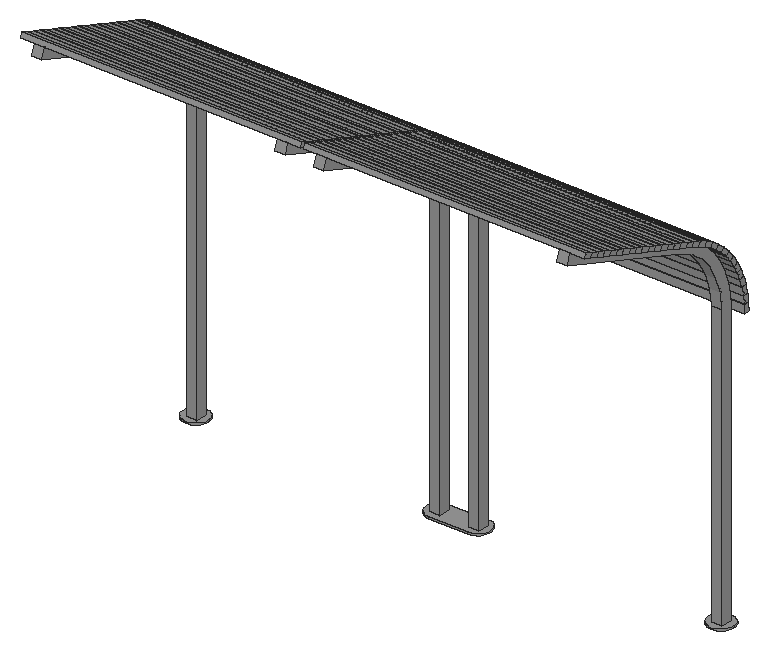
Revit family "Навес «Кайлас» двойной открытый Арт 28543", category Антураж, Revit 2018
Family settings
  На основе рабочей плоскости = Нет
  Всегда вертикально = Да
  При загрузке вырезать с полостями = Нет
  Источник визуального образа = Геометрия семейства
  Общий = Нет
  Точка расчета площади = Нет
Parameters (values of type "Навес «Кайлас» двойной открытый")
  Ширина = 1500 mm  # constant formula
  Цвет отделки = Дерево
  Цвет каркаса = Сталь
  Описание = "Навес «Кайлас» двойной открытый"  # constant formula
  Материал изделия = "Сталь, дерево"  # constant formula
  Изображение типоразмера = Навес «Кайлас» двойной открытый Арт 28543.jpg
  Изготовитель = "ООО «Хоббика»"  # constant formula
  Длина = 4000 mm  # constant formula
  Группа модели = "Навесы и беседки"  # constant formula
  Высота = 3000 mm  # constant formula
  Артикул товара = "Арт. 28543"  # constant formula
  URL = "https://hobbyka.ru/product/naves_kaylas_dvoynoy_otkrytyy/"
Reference planes
  plane 1 "По центру (Вперед/Назад)": y = 0
  plane 2: z = 0
  plane 3 "По центру (Влево/Вправо)": x = 0
  plane 4: x = 4000
  plane 5: y = 1500
  plane 6: z = 3000
Forms (mm)
  Sweep 1, solid, material "Сталь" <- "Цвет каркаса"
    path origin (0, 0, 0) x (0, 1, 0) y (0, 0, 1)
      loop
        line (0, 2900) -> (996.074, 2537.459)
        arc (996.074, 2537.459) -> (1263.315, 2336.078) -> (1372.257, 2019.688) r 572.253
        line (1372.257, 2019.688) -> (1372.257, 0)
    profile origin (0, 1372.257, 2019.688) x (1, 0, 0) y (0, 1, 0)
      loop
        line (100, 0) -> (175, 0) -> (175, 75) -> (100, 75) -> (100, 0)
  Extrusion 2, solid, material "Сталь" <- "Цвет каркаса"
    sketch origin (137.5, 0, 0) x (1, 0, 0) y (0, 1, 0)
      loop
        circle (0, 1409.757) r 90.243
    from 0 to 10
  Sweep 3, solid, material "Сталь" <- "Цвет каркаса"
    path origin (4062.5, 0, 0) x (0, 1, 0) y (0, 0, -1)
      loop
        line (0, -2900) -> (996.074, -2537.459)
        arc (996.074, -2537.459) -> (1263.315, -2336.078) -> (1372.257, -2019.688) r 572.253
        line (1372.257, -2019.688) -> (1372.257, 0)
    profile origin (4062.5, 1372.257, 2019.688) x (-1, 0, 0) y (0, -1, 0)
      loop
        line (162.5, 0) -> (162.5, -75) -> (237.5, -75) -> (237.5, 0) -> (162.5, 0)
  Extrusion 4, solid, material "Сталь" <- "Цвет каркаса"
    sketch origin (3862.5, 0, 0) x (-1, 0, 0) y (0, -1, 0)
      loop
        circle (0, -1409.757) r 90.243
    from 0 to 10
  Sweep 5, solid, material "Сталь" <- "Цвет каркаса"
    path origin (2062.5, 0, 0) x (0, 1, 0) y (0, 0, -1)
      loop
        line (0, -2900) -> (996.074, -2537.459)
        arc (996.074, -2537.459) -> (1263.315, -2336.078) -> (1372.257, -2019.688) r 572.253
        line (1372.257, -2019.688) -> (1372.257, 0)
    profile origin (2062.5, 1372.257, 2019.688) x (-1, 0, 0) y (0, -1, 0)
      loop
        line (162.5, 0) -> (162.5, -75) -> (237.5, -75) -> (237.5, 0) -> (162.5, 0)
  Sweep 6, solid, material "Сталь" <- "Цвет каркаса"
    path origin (1937.5, 0, 0) x (0, 1, 0) y (0, 0, 1)
      loop
        line (0, 2900) -> (996.074, 2537.459)
        arc (996.074, 2537.459) -> (1263.315, 2336.078) -> (1372.257, 2019.688) r 572.253
        line (1372.257, 2019.688) -> (1372.257, 0)
    profile origin (1937.5, 1372.257, 2019.688) x (1, 0, 0) y (0, 1, 0)
      loop
        line (162.5, 0) -> (237.5, 0) -> (237.5, 75) -> (162.5, 75) -> (162.5, 0)
  Extrusion 7, solid, material "Сталь" <- "Цвет каркаса"
    sketch origin (2100, 0, 0) x (1, 0, 0) y (0, 1, 0)
      loop
        arc (37.5, 1319.513) -> (127.743, 1409.757) -> (37.5, 1500) r 90.243
        line (37.5, 1500) -> (-237.5, 1500)
        arc (-237.5, 1500) -> (-327.743, 1409.757) -> (-237.5, 1319.513) r 90.243
        line (-237.5, 1319.513) -> (37.5, 1319.513)
    from 0 to 10
  Extrusion 8, solid, material "Дерево" <- "Цвет отделки"
    sketch origin (0, 0, 0) x (0, 1, 0) y (0, 0, 1)
      loop
        line (25.652, 2970.477) -> (77.335, 2951.666) -> (88.08, 2981.189) -> (36.397, 3000) -> (25.652, 2970.477)
      loop
        line (82.033, 2949.956) -> (133.716, 2931.145) -> (144.462, 2960.668) -> (92.779, 2979.479) -> (82.033, 2949.956)
      loop
        line (138.415, 2929.435) -> (190.098, 2910.623) -> (200.843, 2940.146) -> (149.16, 2958.958) -> (138.415, 2929.435)
      loop
        line (194.796, 2908.913) -> (246.479, 2890.102) -> (257.225, 2919.625) -> (205.542, 2938.436) -> (194.796, 2908.913)
      loop
        line (251.178, 2888.392) -> (302.861, 2869.581) -> (313.606, 2899.104) -> (261.923, 2917.915) -> (251.178, 2888.392)
      loop
        line (307.559, 2867.871) -> (359.242, 2849.06) -> (369.988, 2878.583) -> (318.305, 2897.394) -> (307.559, 2867.871)
      loop
        line (363.941, 2847.35) -> (415.624, 2828.539) -> (426.369, 2858.062) -> (374.686, 2876.873) -> (363.941, 2847.35)
      loop
        line (420.322, 2826.828) -> (472.006, 2808.017) -> (482.751, 2837.54) -> (431.068, 2856.352) -> (420.322, 2826.828)
      loop
        line (476.704, 2806.307) -> (528.387, 2787.496) -> (539.133, 2817.019) -> (487.449, 2835.83) -> (476.704, 2806.307)
      loop
        line (533.086, 2785.786) -> (584.769, 2766.975) -> (595.514, 2796.498) -> (543.831, 2815.309) -> (533.086, 2785.786)
      loop
        line (589.467, 2765.265) -> (641.15, 2746.454) -> (651.896, 2775.977) -> (600.213, 2794.788) -> (589.467, 2765.265)
      loop
        line (645.849, 2744.744) -> (697.532, 2725.933) -> (708.277, 2755.456) -> (656.594, 2774.267) -> (645.849, 2744.744)
      loop
        line (702.23, 2724.222) -> (753.913, 2705.411) -> (764.659, 2734.934) -> (712.976, 2753.745) -> (702.23, 2724.222)
      loop
        line (758.612, 2703.701) -> (810.295, 2684.89) -> (821.04, 2714.413) -> (769.357, 2733.224) -> (758.612, 2703.701)
      loop
        line (814.993, 2683.18) -> (866.676, 2664.369) -> (877.422, 2693.892) -> (825.739, 2712.703) -> (814.993, 2683.18)
      loop
        line (871.375, 2662.659) -> (923.058, 2643.848) -> (933.803, 2673.371) -> (882.12, 2692.182) -> (871.375, 2662.659)
      loop
        line (927.756, 2642.138) -> (979.44, 2623.327) -> (990.185, 2652.85) -> (938.502, 2671.661) -> (927.756, 2642.138)
      loop
        line (984.138, 2621.616) -> (1035.821, 2602.805) -> (1046.567, 2632.328) -> (994.883, 2651.139) -> (984.138, 2621.616)
      loop
        line (1040.846, 2601.962) -> (1090.569, 2578.453) -> (1103.998, 2606.856) -> (1054.275, 2630.365) -> (1040.846, 2601.962)
      loop
        line (1095.495, 2577.148) -> (1142.831, 2549.143) -> (1158.828, 2576.183) -> (1111.492, 2604.188) -> (1095.495, 2577.148)
      loop
        line (1147.618, 2547.387) -> (1192.163, 2515.125) -> (1210.592, 2540.57) -> (1166.047, 2572.832) -> (1147.618, 2547.387)
      loop
        line (1196.764, 2512.936) -> (1238.135, 2476.694) -> (1258.837, 2500.327) -> (1217.466, 2536.568) -> (1196.764, 2512.936)
      loop
        line (1242.514, 2474.089) -> (1280.357, 2434.178) -> (1303.156, 2455.795) -> (1265.313, 2495.706) -> (1242.514, 2474.089)
      loop
        line (1284.48, 2431.176) -> (1318.47, 2387.937) -> (1343.17, 2407.354) -> (1309.179, 2450.593) -> (1284.48, 2431.176)
      loop
        line (1322.295, 2384.57) -> (1352.143, 2338.373) -> (1378.532, 2355.424) -> (1348.684, 2401.62) -> (1322.295, 2384.57)
      loop
        line (1355.64, 2334.667) -> (1381.089, 2285.909) -> (1408.941, 2300.447) -> (1383.492, 2349.205) -> (1355.64, 2334.667)
      loop
        line (1384.23, 2281.892) -> (1405.062, 2230.99) -> (1434.139, 2242.89) -> (1413.307, 2293.792) -> (1384.23, 2281.892)
      loop
        line (1407.817, 2226.703) -> (1423.854, 2174.093) -> (1453.907, 2183.254) -> (1437.87, 2235.864) -> (1407.817, 2226.703)
      loop
        line (1426.201, 2169.57) -> (1437.305, 2115.703) -> (1468.076, 2122.046) -> (1456.972, 2175.913) -> (1426.201, 2169.57)
      loop
        line (1439.224, 2110.978) -> (1445.3, 2056.315) -> (1476.526, 2059.786) -> (1470.45, 2114.449) -> (1439.224, 2110.978)
      loop
        line (1446.775, 2051.433) -> (1447.771, 1996.442) -> (1479.183, 1997.011) -> (1478.187, 2052.002) -> (1446.775, 2051.433)
    from 0 to 1990
  Extrusion 9, solid, material "Дерево" <- "Цвет отделки"
    sketch origin (0, 0, 0) x (0, 1, 0) y (0, 0, 1)
      loop
        line (25.652, 2970.477) -> (77.335, 2951.666) -> (88.08, 2981.189) -> (36.397, 3000) -> (25.652, 2970.477)
      loop
        line (82.033, 2949.956) -> (133.716, 2931.145) -> (144.462, 2960.668) -> (92.779, 2979.479) -> (82.033, 2949.956)
      loop
        line (138.415, 2929.435) -> (190.098, 2910.623) -> (200.843, 2940.146) -> (149.16, 2958.958) -> (138.415, 2929.435)
      loop
        line (194.796, 2908.913) -> (246.479, 2890.102) -> (257.225, 2919.625) -> (205.542, 2938.436) -> (194.796, 2908.913)
      loop
        line (251.178, 2888.392) -> (302.861, 2869.581) -> (313.606, 2899.104) -> (261.923, 2917.915) -> (251.178, 2888.392)
      loop
        line (307.559, 2867.871) -> (359.242, 2849.06) -> (369.988, 2878.583) -> (318.305, 2897.394) -> (307.559, 2867.871)
      loop
        line (363.941, 2847.35) -> (415.624, 2828.539) -> (426.369, 2858.062) -> (374.686, 2876.873) -> (363.941, 2847.35)
      loop
        line (420.322, 2826.828) -> (472.006, 2808.017) -> (482.751, 2837.54) -> (431.068, 2856.352) -> (420.322, 2826.828)
      loop
        line (476.704, 2806.307) -> (528.387, 2787.496) -> (539.133, 2817.019) -> (487.449, 2835.83) -> (476.704, 2806.307)
      loop
        line (533.086, 2785.786) -> (584.769, 2766.975) -> (595.514, 2796.498) -> (543.831, 2815.309) -> (533.086, 2785.786)
      loop
        line (589.467, 2765.265) -> (641.15, 2746.454) -> (651.896, 2775.977) -> (600.213, 2794.788) -> (589.467, 2765.265)
      loop
        line (645.849, 2744.744) -> (697.532, 2725.933) -> (708.277, 2755.456) -> (656.594, 2774.267) -> (645.849, 2744.744)
      loop
        line (702.23, 2724.222) -> (753.913, 2705.411) -> (764.659, 2734.934) -> (712.976, 2753.745) -> (702.23, 2724.222)
      loop
        line (758.612, 2703.701) -> (810.295, 2684.89) -> (821.04, 2714.413) -> (769.357, 2733.224) -> (758.612, 2703.701)
      loop
        line (814.993, 2683.18) -> (866.676, 2664.369) -> (877.422, 2693.892) -> (825.739, 2712.703) -> (814.993, 2683.18)
      loop
        line (871.375, 2662.659) -> (923.058, 2643.848) -> (933.803, 2673.371) -> (882.12, 2692.182) -> (871.375, 2662.659)
      loop
        line (927.756, 2642.138) -> (979.44, 2623.327) -> (990.185, 2652.85) -> (938.502, 2671.661) -> (927.756, 2642.138)
      loop
        line (984.138, 2621.616) -> (1035.821, 2602.805) -> (1046.567, 2632.328) -> (994.883, 2651.139) -> (984.138, 2621.616)
      loop
        line (1040.846, 2601.962) -> (1090.569, 2578.453) -> (1103.998, 2606.856) -> (1054.275, 2630.365) -> (1040.846, 2601.962)
      loop
        line (1095.495, 2577.148) -> (1142.831, 2549.143) -> (1158.828, 2576.183) -> (1111.492, 2604.188) -> (1095.495, 2577.148)
      loop
        line (1147.618, 2547.387) -> (1192.163, 2515.125) -> (1210.592, 2540.57) -> (1166.047, 2572.832) -> (1147.618, 2547.387)
      loop
        line (1196.764, 2512.936) -> (1238.135, 2476.694) -> (1258.837, 2500.327) -> (1217.466, 2536.568) -> (1196.764, 2512.936)
      loop
        line (1242.514, 2474.089) -> (1280.357, 2434.178) -> (1303.156, 2455.795) -> (1265.313, 2495.706) -> (1242.514, 2474.089)
      loop
        line (1284.48, 2431.176) -> (1318.47, 2387.937) -> (1343.17, 2407.354) -> (1309.179, 2450.593) -> (1284.48, 2431.176)
      loop
        line (1322.295, 2384.57) -> (1352.143, 2338.373) -> (1378.532, 2355.424) -> (1348.684, 2401.62) -> (1322.295, 2384.57)
      loop
        line (1355.64, 2334.667) -> (1381.089, 2285.909) -> (1408.941, 2300.447) -> (1383.492, 2349.205) -> (1355.64, 2334.667)
      loop
        line (1384.23, 2281.892) -> (1405.062, 2230.99) -> (1434.139, 2242.89) -> (1413.307, 2293.792) -> (1384.23, 2281.892)
      loop
        line (1407.817, 2226.703) -> (1423.854, 2174.093) -> (1453.907, 2183.254) -> (1437.87, 2235.864) -> (1407.817, 2226.703)
      loop
        line (1426.201, 2169.57) -> (1437.305, 2115.703) -> (1468.076, 2122.046) -> (1456.972, 2175.913) -> (1426.201, 2169.57)
      loop
        line (1439.224, 2110.978) -> (1445.3, 2056.315) -> (1476.526, 2059.786) -> (1470.45, 2114.449) -> (1439.224, 2110.978)
      loop
        line (1446.775, 2051.433) -> (1447.771, 1996.442) -> (1479.183, 1997.011) -> (1478.187, 2052.002) -> (1446.775, 2051.433)
    from 2010 to 4000
Cuts and joins
  joined: Sweep 3, Extrusion 4
  joined: Sweep 5, Sweep 6, Extrusion 7
Dimensions and locks
  "Длина": plane 3 "По центру (Влево/Вправо)" to plane 4
  "Ширина": plane 5 to plane 1 "По центру (Вперед/Назад)"
  "Высота": plane 6 to level
  aligned and locked: level to plane 2
Automatic sketch dimensions
  Sweep 1 sketch curve to plane 1 "По центру (Вперед/Назад)" = 0 mm
  Sweep 1 sketch curve to level = 0 mm
  Sweep 1 sketch curve to plane 5 = 699.648 mm
  Sweep 1 sketch curve to plane 5 = 503.926 mm
  Sweep 1 sketch curve to plane 5 = 127.743 mm
  Sweep 1 sketch curve to plane 6 = 1000.284 mm
  Sweep 1 sketch curve to Sweep 1 sketch curve = 19.971 mm
  Sweep 1 sketch curve to plane 6 = 100 mm
  profile plane to Sweep 1 sketch curve = 0 mm
  plane 3 "По центру (Влево/Вправо)" to Sweep 1 sketch curve = 100 mm
  Sweep 1 sketch curve to Sweep 1 sketch curve = 75 mm
  Sweep 1 sketch curve to profile plane = 75 mm
  plane 3 "По центру (Влево/Вправо)" to Extrusion 2 sketch curve = 137.5 mm
  Extrusion 2 sketch curve to plane 5 = 90.243 mm
  Sweep 3 sketch curve to plane 1 "По центру (Вперед/Назад)" = 0 mm
  Sweep 3 sketch curve to level = 0 mm
  Sweep 3 sketch curve to plane 5 = 699.648 mm
  Sweep 3 sketch curve to plane 5 = 503.926 mm
  Sweep 3 sketch curve to plane 5 = 127.743 mm
  Sweep 3 sketch curve to plane 6 = 1000.284 mm
  Sweep 3 sketch curve to Sweep 3 sketch curve = 19.971 mm
  Sweep 3 sketch curve to plane 6 = 100 mm
  Sweep 3 sketch curve to profile plane = 0 mm
  profile plane to Sweep 3 sketch curve = 75 mm
  profile plane to Sweep 3 sketch curve = 162.5 mm
  Sweep 3 sketch curve to Sweep 3 sketch curve = 75 mm
  plane 4 to Extrusion 4 sketch curve = 137.5 mm
  plane 5 to Extrusion 4 sketch curve = 90.243 mm
  Sweep 5 sketch curve to plane 1 "По центру (Вперед/Назад)" = 0 mm
  Sweep 5 sketch curve to level = 0 mm
  Sweep 5 sketch curve to plane 5 = 699.648 mm
  Sweep 5 sketch curve to plane 5 = 503.926 mm
  Sweep 5 sketch curve to plane 5 = 127.743 mm
  Sweep 5 sketch curve to plane 6 = 1000.284 mm
  Sweep 5 sketch curve to Sweep 5 sketch curve = 19.971 mm
  Sweep 5 sketch curve to plane 6 = 100 mm
  Sweep 5 sketch curve to profile plane = 0 mm
  profile plane to Sweep 5 sketch curve = 75 mm
  profile plane to Sweep 5 sketch curve = 162.5 mm
  Sweep 5 sketch curve to Sweep 5 sketch curve = 75 mm
  Sweep 6 sketch curve to plane 1 "По центру (Вперед/Назад)" = 0 mm
  Sweep 6 sketch curve to level = 0 mm
  Sweep 6 sketch curve to plane 5 = 699.648 mm
  Sweep 6 sketch curve to plane 5 = 503.926 mm
  Sweep 6 sketch curve to plane 5 = 127.743 mm
  Sweep 6 sketch curve to plane 6 = 1000.284 mm
  Sweep 6 sketch curve to Sweep 6 sketch curve = 19.971 mm
  Sweep 6 sketch curve to plane 6 = 100 mm
  profile plane to Sweep 6 sketch curve = 0 mm
  Sweep 6 sketch curve to profile plane = 75 mm
  profile plane to Sweep 6 sketch curve = 162.5 mm
  Sweep 6 sketch curve to Sweep 6 sketch curve = 75 mm
  Extrusion 7 sketch curve to plane 5 = 0 mm
  Extrusion 7 sketch curve to plane 5 = 180.487 mm
  plane 3 "По центру (Влево/Вправо)" to Extrusion 7 sketch curve = 1862.5 mm
  Extrusion 7 sketch curve to Extrusion 7 sketch curve = 275 mm
  Extrusion 8 sketch curve to plane 6 = 0 mm
  Extrusion 8 sketch curve to plane 1 "По центру (Вперед/Назад)" = 25.652 mm
  Extrusion 8 sketch curve to Extrusion 8 sketch curve = 10.746 mm
  Extrusion 8 sketch curve to Extrusion 8 sketch curve = 51.683 mm  (x7)
  Extrusion 8 sketch curve to Extrusion 8 sketch curve = 4.698 mm  (x34)
  Extrusion 8 sketch curve to plane 6 = 20.521 mm
  Extrusion 8 sketch curve to plane 6 = 68.855 mm
  Extrusion 8 sketch curve to plane 6 = 41.042 mm
  Extrusion 8 sketch curve to plane 6 = 89.377 mm
  Extrusion 8 sketch curve to plane 6 = 61.564 mm
  Extrusion 8 sketch curve to plane 6 = 109.898 mm
  Extrusion 8 sketch curve to plane 6 = 111.608 mm
  Extrusion 8 sketch curve to plane 6 = 82.085 mm
  Extrusion 8 sketch curve to plane 6 = 130.419 mm
  Extrusion 8 sketch curve to plane 6 = 132.129 mm
  Extrusion 8 sketch curve to plane 6 = 102.606 mm
  Extrusion 8 sketch curve to plane 6 = 150.94 mm
  Extrusion 8 sketch curve to plane 6 = 152.65 mm
  Extrusion 8 sketch curve to plane 6 = 123.127 mm
  Extrusion 8 sketch curve to plane 6 = 171.461 mm
  Extrusion 8 sketch curve to plane 6 = 173.172 mm
  Extrusion 8 sketch curve to plane 6 = 143.648 mm
  Extrusion 8 sketch curve to plane 6 = 191.983 mm
  Extrusion 8 sketch curve to plane 6 = 193.693 mm
  Extrusion 8 sketch curve to plane 6 = 164.17 mm
  Extrusion 8 sketch curve to plane 6 = 212.504 mm
  Extrusion 8 sketch curve to plane 6 = 214.214 mm
  Extrusion 8 sketch curve to plane 6 = 184.691 mm
  Extrusion 8 sketch curve to plane 6 = 233.025 mm
  Extrusion 8 sketch curve to plane 6 = 234.735 mm
  Extrusion 8 sketch curve to plane 6 = 205.212 mm
  Extrusion 8 sketch curve to plane 6 = 253.546 mm
  Extrusion 8 sketch curve to plane 6 = 255.256 mm
  Extrusion 8 sketch curve to plane 6 = 225.733 mm
  Extrusion 8 sketch curve to plane 6 = 274.067 mm
  Extrusion 8 sketch curve to plane 6 = 275.778 mm
  Extrusion 8 sketch curve to plane 6 = 246.255 mm
  Extrusion 8 sketch curve to plane 6 = 294.589 mm
  Extrusion 8 sketch curve to plane 6 = 296.299 mm
  Extrusion 8 sketch curve to plane 6 = 266.776 mm
  Extrusion 8 sketch curve to plane 6 = 315.11 mm
  Extrusion 8 sketch curve to plane 6 = 316.82 mm
  Extrusion 8 sketch curve to plane 6 = 287.297 mm
  Extrusion 8 sketch curve to plane 6 = 335.631 mm
  Extrusion 8 sketch curve to plane 6 = 307.818 mm
  Extrusion 8 sketch curve to plane 6 = 328.339 mm
  Extrusion 8 sketch curve to plane 6 = 348.861 mm
  Extrusion 8 sketch curve to Extrusion 8 sketch curve = 5.025 mm
  Extrusion 8 sketch curve to plane 6 = 369.635 mm
  Extrusion 8 sketch curve to Extrusion 8 sketch curve = 7.709 mm
  Extrusion 8 sketch curve to Extrusion 8 sketch curve = 49.723 mm
  Extrusion 8 sketch curve to Extrusion 8 sketch curve = 4.926 mm
  Extrusion 8 sketch curve to Extrusion 8 sketch curve = 7.494 mm
  Extrusion 8 sketch curve to Extrusion 8 sketch curve = 47.336 mm
  Extrusion 8 sketch curve to Extrusion 8 sketch curve = 4.787 mm
  Extrusion 8 sketch curve to Extrusion 8 sketch curve = 7.219 mm
  Extrusion 8 sketch curve to Extrusion 8 sketch curve = 44.544 mm
  Extrusion 8 sketch curve to Extrusion 8 sketch curve = 4.601 mm
  Extrusion 8 sketch curve to Extrusion 8 sketch curve = 6.875 mm
  Extrusion 8 sketch curve to Extrusion 8 sketch curve = 41.371 mm
  Extrusion 8 sketch curve to Extrusion 8 sketch curve = 4.379 mm
  Extrusion 8 sketch curve to Extrusion 8 sketch curve = 6.475 mm
  Extrusion 8 sketch curve to Extrusion 8 sketch curve = 37.843 mm
  Extrusion 8 sketch curve to Extrusion 8 sketch curve = 4.122 mm
  Extrusion 8 sketch curve to Extrusion 8 sketch curve = 6.023 mm
  Extrusion 8 sketch curve to Extrusion 8 sketch curve = 33.991 mm
  Extrusion 8 sketch curve to Extrusion 8 sketch curve = 3.825 mm
  Extrusion 8 sketch curve to Extrusion 8 sketch curve = 5.514 mm
  Extrusion 8 sketch curve to Extrusion 8 sketch curve = 29.848 mm
  Extrusion 8 sketch curve to Extrusion 8 sketch curve = 3.497 mm
  Extrusion 8 sketch curve to Extrusion 8 sketch curve = 25.449 mm
  Extrusion 8 sketch curve to Extrusion 8 sketch curve = 4.96 mm
  Extrusion 8 sketch curve to Extrusion 8 sketch curve = 3.141 mm
  Extrusion 8 sketch curve to Extrusion 8 sketch curve = 20.832 mm
  Extrusion 8 sketch curve to Extrusion 8 sketch curve = 2.755 mm
  Extrusion 8 sketch curve to Extrusion 8 sketch curve = 4.366 mm
  Extrusion 8 sketch curve to Extrusion 8 sketch curve = 16.037 mm
  Extrusion 8 sketch curve to Extrusion 8 sketch curve = 2.347 mm
  Extrusion 8 sketch curve to Extrusion 8 sketch curve = 11.104 mm
  Extrusion 8 sketch curve to Extrusion 8 sketch curve = 3.731 mm
  Extrusion 8 sketch curve to Extrusion 8 sketch curve = 1.919 mm
  Extrusion 8 sketch curve to plane 5 = 54.7 mm
  Extrusion 8 sketch curve to Extrusion 8 sketch curve = 1.474 mm
  Extrusion 8 sketch curve to plane 5 = 52.229 mm
  Extrusion 8 sketch curve to Extrusion 8 sketch curve = 3.065 mm
  Extrusion 8 sketch curve to Extrusion 8 sketch curve = 2.374 mm
  Extrusion 8 sketch curve to Extrusion 8 sketch curve = 1.661 mm
  Extrusion 8 sketch curve to Extrusion 8 sketch curve = 27.813 mm
  Extrusion 8 sketch curve to Extrusion 8 sketch curve = 1.71 mm  (x3)
  Extrusion 8 sketch curve to Extrusion 8 sketch curve = 23.509 mm
  Extrusion 8 sketch curve to Extrusion 8 sketch curve = 2.668 mm
  Extrusion 8 sketch curve to Extrusion 8 sketch curve = 1.305 mm
  Extrusion 8 sketch curve to Extrusion 8 sketch curve = 3.351 mm
  Extrusion 8 sketch curve to Extrusion 8 sketch curve = 1.757 mm
  Extrusion 8 sketch curve to Extrusion 8 sketch curve = 4.002 mm
  Extrusion 8 sketch curve to Extrusion 8 sketch curve = 2.189 mm
  Extrusion 8 sketch curve to Extrusion 8 sketch curve = 4.62 mm
  Extrusion 8 sketch curve to Extrusion 8 sketch curve = 2.605 mm
  Extrusion 8 sketch curve to Extrusion 8 sketch curve = 5.202 mm
  Extrusion 8 sketch curve to Extrusion 8 sketch curve = 3.002 mm
  Extrusion 8 sketch curve to Extrusion 8 sketch curve = 5.734 mm
  Extrusion 8 sketch curve to Extrusion 8 sketch curve = 3.367 mm
  Extrusion 8 sketch curve to Extrusion 8 sketch curve = 6.219 mm
  Extrusion 8 sketch curve to Extrusion 8 sketch curve = 3.706 mm
  Extrusion 8 sketch curve to Extrusion 8 sketch curve = 6.655 mm
  Extrusion 8 sketch curve to Extrusion 8 sketch curve = 4.017 mm
  Extrusion 8 sketch curve to Extrusion 8 sketch curve = 7.026 mm
  Extrusion 8 sketch curve to Extrusion 8 sketch curve = 4.287 mm
  Extrusion 8 sketch curve to Extrusion 8 sketch curve = 7.341 mm
  Extrusion 8 sketch curve to Extrusion 8 sketch curve = 4.523 mm
  Extrusion 8 sketch curve to Extrusion 8 sketch curve = 7.597 mm
  Extrusion 8 sketch curve to Extrusion 8 sketch curve = 4.725 mm
  Extrusion 8 sketch curve to Extrusion 8 sketch curve = 7.784 mm
  Extrusion 8 sketch curve to Extrusion 8 sketch curve = 4.882 mm
  Extrusion 9 sketch curve to plane 6 = 0 mm
  Extrusion 9 sketch curve to plane 1 "По центру (Вперед/Назад)" = 25.652 mm
  Extrusion 9 sketch curve to Extrusion 9 sketch curve = 10.746 mm
  Extrusion 9 sketch curve to Extrusion 9 sketch curve = 51.683 mm  (x7)
  Extrusion 9 sketch curve to Extrusion 9 sketch curve = 4.698 mm  (x34)
  Extrusion 9 sketch curve to plane 6 = 20.521 mm
  Extrusion 9 sketch curve to plane 6 = 68.855 mm
  Extrusion 9 sketch curve to plane 6 = 41.042 mm
  Extrusion 9 sketch curve to plane 6 = 89.377 mm
  Extrusion 9 sketch curve to plane 6 = 61.564 mm
  Extrusion 9 sketch curve to plane 6 = 109.898 mm
  Extrusion 9 sketch curve to plane 6 = 111.608 mm
  Extrusion 9 sketch curve to plane 6 = 82.085 mm
  Extrusion 9 sketch curve to plane 6 = 130.419 mm
  Extrusion 9 sketch curve to plane 6 = 132.129 mm
  Extrusion 9 sketch curve to plane 6 = 102.606 mm
  Extrusion 9 sketch curve to plane 6 = 150.94 mm
  Extrusion 9 sketch curve to plane 6 = 152.65 mm
  Extrusion 9 sketch curve to plane 6 = 123.127 mm
  Extrusion 9 sketch curve to plane 6 = 171.461 mm
  Extrusion 9 sketch curve to plane 6 = 173.172 mm
  Extrusion 9 sketch curve to plane 6 = 143.648 mm
  Extrusion 9 sketch curve to plane 6 = 191.983 mm
  Extrusion 9 sketch curve to plane 6 = 193.693 mm
  Extrusion 9 sketch curve to plane 6 = 164.17 mm
  Extrusion 9 sketch curve to plane 6 = 212.504 mm
  Extrusion 9 sketch curve to plane 6 = 214.214 mm
  Extrusion 9 sketch curve to plane 6 = 184.691 mm
  Extrusion 9 sketch curve to plane 6 = 233.025 mm
  Extrusion 9 sketch curve to plane 6 = 234.735 mm
  Extrusion 9 sketch curve to plane 6 = 205.212 mm
  Extrusion 9 sketch curve to plane 6 = 253.546 mm
  Extrusion 9 sketch curve to plane 6 = 255.256 mm
  Extrusion 9 sketch curve to plane 6 = 225.733 mm
  Extrusion 9 sketch curve to plane 6 = 274.067 mm
  Extrusion 9 sketch curve to plane 6 = 275.778 mm
  Extrusion 9 sketch curve to plane 6 = 246.255 mm
  Extrusion 9 sketch curve to plane 6 = 294.589 mm
  Extrusion 9 sketch curve to plane 6 = 296.299 mm
  Extrusion 9 sketch curve to plane 6 = 266.776 mm
  Extrusion 9 sketch curve to plane 6 = 315.11 mm
  Extrusion 9 sketch curve to plane 6 = 316.82 mm
  Extrusion 9 sketch curve to plane 6 = 287.297 mm
  Extrusion 9 sketch curve to plane 6 = 335.631 mm
  Extrusion 9 sketch curve to plane 6 = 307.818 mm
  Extrusion 9 sketch curve to plane 6 = 328.339 mm
  Extrusion 9 sketch curve to plane 6 = 348.861 mm
  Extrusion 9 sketch curve to Extrusion 9 sketch curve = 5.025 mm
  Extrusion 9 sketch curve to plane 6 = 369.635 mm
  Extrusion 9 sketch curve to Extrusion 9 sketch curve = 7.709 mm
  Extrusion 9 sketch curve to Extrusion 9 sketch curve = 49.723 mm
  Extrusion 9 sketch curve to Extrusion 9 sketch curve = 4.926 mm
  Extrusion 9 sketch curve to Extrusion 9 sketch curve = 7.494 mm
  Extrusion 9 sketch curve to Extrusion 9 sketch curve = 47.336 mm
  Extrusion 9 sketch curve to Extrusion 9 sketch curve = 4.787 mm
  Extrusion 9 sketch curve to Extrusion 9 sketch curve = 7.219 mm
  Extrusion 9 sketch curve to Extrusion 9 sketch curve = 44.544 mm
  Extrusion 9 sketch curve to Extrusion 9 sketch curve = 4.601 mm
  Extrusion 9 sketch curve to Extrusion 9 sketch curve = 6.875 mm
  Extrusion 9 sketch curve to Extrusion 9 sketch curve = 41.371 mm
  Extrusion 9 sketch curve to Extrusion 9 sketch curve = 4.379 mm
  Extrusion 9 sketch curve to Extrusion 9 sketch curve = 6.475 mm
  Extrusion 9 sketch curve to Extrusion 9 sketch curve = 37.843 mm
  Extrusion 9 sketch curve to Extrusion 9 sketch curve = 4.122 mm
  Extrusion 9 sketch curve to Extrusion 9 sketch curve = 6.023 mm
  Extrusion 9 sketch curve to Extrusion 9 sketch curve = 33.991 mm
  Extrusion 9 sketch curve to Extrusion 9 sketch curve = 3.825 mm
  Extrusion 9 sketch curve to Extrusion 9 sketch curve = 5.514 mm
  Extrusion 9 sketch curve to Extrusion 9 sketch curve = 29.848 mm
  Extrusion 9 sketch curve to Extrusion 9 sketch curve = 3.497 mm
  Extrusion 9 sketch curve to Extrusion 9 sketch curve = 25.449 mm
  Extrusion 9 sketch curve to Extrusion 9 sketch curve = 4.96 mm
  Extrusion 9 sketch curve to Extrusion 9 sketch curve = 3.141 mm
  Extrusion 9 sketch curve to Extrusion 9 sketch curve = 20.832 mm
  Extrusion 9 sketch curve to Extrusion 9 sketch curve = 2.755 mm
  Extrusion 9 sketch curve to Extrusion 9 sketch curve = 4.366 mm
  Extrusion 9 sketch curve to Extrusion 9 sketch curve = 16.037 mm
  Extrusion 9 sketch curve to Extrusion 9 sketch curve = 2.347 mm
  Extrusion 9 sketch curve to Extrusion 9 sketch curve = 11.104 mm
  Extrusion 9 sketch curve to Extrusion 9 sketch curve = 3.731 mm
  Extrusion 9 sketch curve to Extrusion 9 sketch curve = 1.919 mm
  Extrusion 9 sketch curve to plane 5 = 54.7 mm
  Extrusion 9 sketch curve to Extrusion 9 sketch curve = 1.474 mm
  Extrusion 9 sketch curve to plane 5 = 52.229 mm
  Extrusion 9 sketch curve to Extrusion 9 sketch curve = 3.065 mm
  Extrusion 9 sketch curve to Extrusion 9 sketch curve = 2.374 mm
  Extrusion 9 sketch curve to Extrusion 9 sketch curve = 1.661 mm
  Extrusion 9 sketch curve to Extrusion 9 sketch curve = 27.813 mm
  Extrusion 9 sketch curve to Extrusion 9 sketch curve = 1.71 mm  (x3)
  Extrusion 9 sketch curve to Extrusion 9 sketch curve = 23.509 mm
  Extrusion 9 sketch curve to Extrusion 9 sketch curve = 2.668 mm
  Extrusion 9 sketch curve to Extrusion 9 sketch curve = 1.305 mm
  Extrusion 9 sketch curve to Extrusion 9 sketch curve = 3.351 mm
  Extrusion 9 sketch curve to Extrusion 9 sketch curve = 1.757 mm
  Extrusion 9 sketch curve to Extrusion 9 sketch curve = 4.002 mm
  Extrusion 9 sketch curve to Extrusion 9 sketch curve = 2.189 mm
  Extrusion 9 sketch curve to Extrusion 9 sketch curve = 4.62 mm
  Extrusion 9 sketch curve to Extrusion 9 sketch curve = 2.605 mm
  Extrusion 9 sketch curve to Extrusion 9 sketch curve = 5.202 mm
  Extrusion 9 sketch curve to Extrusion 9 sketch curve = 3.002 mm
  Extrusion 9 sketch curve to Extrusion 9 sketch curve = 5.734 mm
  Extrusion 9 sketch curve to Extrusion 9 sketch curve = 3.367 mm
  Extrusion 9 sketch curve to Extrusion 9 sketch curve = 6.219 mm
  Extrusion 9 sketch curve to Extrusion 9 sketch curve = 3.706 mm
  Extrusion 9 sketch curve to Extrusion 9 sketch curve = 6.655 mm
  Extrusion 9 sketch curve to Extrusion 9 sketch curve = 4.017 mm
  Extrusion 9 sketch curve to Extrusion 9 sketch curve = 7.026 mm
  Extrusion 9 sketch curve to Extrusion 9 sketch curve = 4.287 mm
  Extrusion 9 sketch curve to Extrusion 9 sketch curve = 7.341 mm
  Extrusion 9 sketch curve to Extrusion 9 sketch curve = 4.523 mm
  Extrusion 9 sketch curve to Extrusion 9 sketch curve = 7.597 mm
  Extrusion 9 sketch curve to Extrusion 9 sketch curve = 4.725 mm
  Extrusion 9 sketch curve to Extrusion 9 sketch curve = 7.784 mm
  Extrusion 9 sketch curve to Extrusion 9 sketch curve = 4.882 mm
  radius of Extrusion 2 sketch curve = 90.243 mm
  radius of Extrusion 4 sketch curve = 90.243 mm
